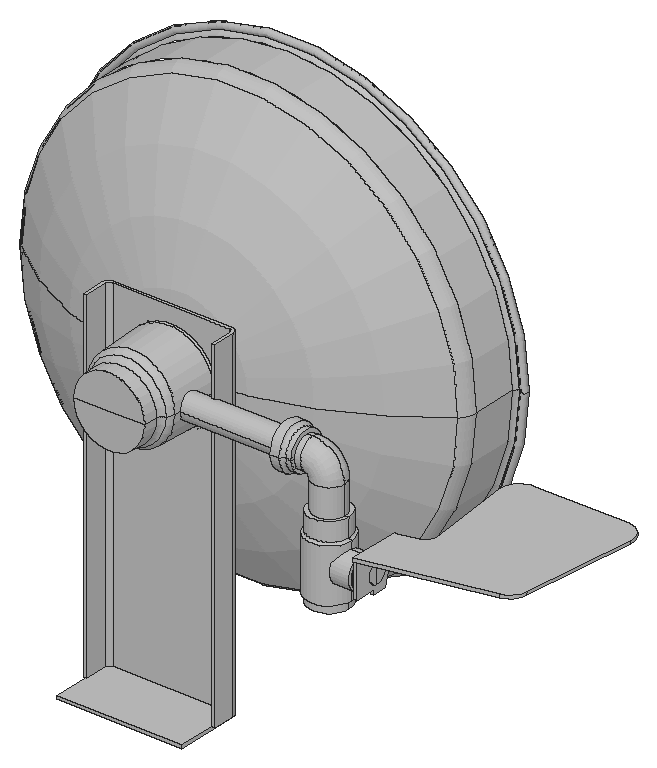
Revit family "Sanitary_Other_Encon-Safety_Wall-Mount-Eyewash-SS-Bowl", category Plumbing Fixtures, host Face, Revit 2019
Family settings
  Host = Face
  Round Connector Dimension = Use Diameter
  Part Type = Normal
  OmniClass Number = 23.45.05.14.24
  OmniClass Title = Eye Wash Fountains
  Cut with Voids When Loaded = No
  Shared = No
  Room Calculation Point = No
Parameters (values of type "01045001")
  Width = 16.13"
  URL = "https://enconsafety.com/"
  Supply Diameter = 1/2"
  Product data url = "https://www.bimobject.com/encon/product/wall_mount_eyewash_SS_bowl_2_4_gpm_Acetal_eyewash_heads"
  Product Guid = "68e39ca3-a789-45c7-8317-a775f6945996"  # constant formula
  Piping Material = Encon Safety Products - Metal - Stainless Steel
  Pedestal Material = Encon Safety Products - Metal - Stainless Steel
  Model = "01045001"  # constant formula
  Manufacturer = "Encon Safety Products"  # constant formula
  Keynote = "15410"
  Height = 8.13"
  Heads Material = Encon Safety Products - Plastic - Acetal - Yellow
  Fluid out Diameter = 1 1/4"
  Flow = 2.5 GPM
  Edition number = 1  # constant formula
  Drain Type = "FNPT"
  Description = "Wall mount eyewash SS bowl, 2.4 gpm Acetal eyewash"  # constant formula
  Default Elevation = 48"
  CWFU = 0
  Bowl Material = Encon Safety Products - Metal - Stainless Steel
  Assembly Code = "D2010600"
Reference planes (in)
  plane 1 "Center (Front/Back)": y = 0
  plane 2: z = 0
  plane 3 "Center (Left/Right)": x = 0
Forms (in)
  Revolve 1, solid, material "Encon Safety Products - Metal - Stainless Steel" <- "Bowl Material"
    sketch origin (0, -1.21172, 7.625) x (-1, 0, 0) y (0, -1, 0)
      loop
        line (-0.33772, -2.19101) -> (-0.33772, -2.15982)
        arc (-0.33772, -2.15982) -> (-3.28212, -2.78024) -> (-5.85187, -4.34575) r 8.90617
        arc (-5.85187, -4.34575) -> (-5.98541, -4.52451) -> (-6.03278, -4.74256) r 0.52565
        line (-6.03278, -4.74256) -> (-6.03347, -5.9312)
        arc (-6.03347, -5.9312) -> (-6.09218, -6.08243) -> (-6.23754, -6.15445) r 0.22415
        arc (-6.23754, -6.15445) -> (-6.25702, -6.02818) -> (-6.15762, -6.10845) r 0.0685
        line (-6.15762, -6.10845) -> (-6.12904, -6.08755)
        arc (-6.12904, -6.08755) -> (-6.28435, -6.01671) -> (-6.23601, -6.18043) r 0.09381
        arc (-6.23601, -6.18043) -> (-6.07283, -6.09983) -> (-6.00746, -5.92996) r 0.25017
        line (-6.00746, -5.92996) -> (-6.00746, -4.77396)
        arc (-6.00746, -4.77396) -> (-5.95718, -4.54283) -> (-5.81542, -4.35348) r 0.55635
        arc (-5.81542, -4.35348) -> (-3.26104, -2.80498) -> (-0.33772, -2.19101) r 8.88085
      axis (0, -6.18043) -> (0, -2.15982)
    angle from 0 to 360
  Sweep 2, solid, material "Encon Safety Products - Metal - Stainless Steel" <- "Piping Material"
    path origin (0, -6.4537, 7.625) x (-1, 0, 0) y (0, -1, 0)
      loop
        line (-3.42116, -11.49934) -> (-3.71919, -10.4932)
        arc (-3.71919, -10.4932) -> (-3.56162, -9.61086) -> (-2.76037, -9.20919) r 1
        line (-2.76037, -9.20919) -> (2.76037, -9.20919)
        arc (2.76037, -9.20919) -> (3.56162, -9.61086) -> (3.71919, -10.4932) r 1
        line (3.71919, -10.4932) -> (3.42116, -11.49934)
    profile origin (0, 2.75549, 7.625) x (0, -1, 0) y (0, 0, 1)
      loop
        circle (0, 0) r 0.3142
  Revolve 3, solid, material "Encon Safety Products - Plastic - Acetal - Yellow" <- "Heads Material"
    sketch origin (0, -6.4537, 7.625) x (-1, 0, 0) y (0, -1, 0)
      loop
        line (2.97027, -11.36578) -> (2.82817, -11.8455) -> (2.2974, -12.20564) -> (2.15287, -12.67624)
        arc (2.15287, -12.67624) -> (2.17156, -12.86782) -> (2.32085, -12.98934) r 0.25
        line (2.32085, -12.98934) -> (2.89771, -13.16021) -> (3.39222, -11.49077) -> (2.97027, -11.36578)
      axis (3.39222, -11.49077) -> (2.89771, -13.16021)
    angle from 0 to 360
  Extrusion 4, solid, material "Encon Safety Products - Metal - Stainless Steel", detail levels fine
    sketch origin (-0.1875, -1.21172, 7.625) x (1, 0, 0) y (0, 1, 0)
      loop
        arc (7.31056, 5.3158) -> (6.93899, 5.15037) -> (6.8133, 4.76354) r 0.5
        line (6.8133, 4.76354) -> (7.06362, 2.38191)
        arc (7.06362, 2.38191) -> (7.00767, 2.17308) -> (6.82635, 2.05533) r 0.30164
        line (6.82635, 2.05533) -> (6.31615, 1.94689) -> (6.25351, 1.94689) -> (6.25351, 0.55525) -> (9.60434, 1.26749)
        arc (9.60434, 1.26749) -> (9.87196, 1.422) -> (9.99765, 1.7043) r 0.5
        line (9.99765, 1.7043) -> (10.3192, 4.76354)
        arc (10.3192, 4.76354) -> (10.19351, 5.15037) -> (9.82194, 5.3158) r 0.5
        line (9.82194, 5.3158) -> (7.31056, 5.3158)
    from -1.62605 to -1.70211
  Sweep 5, solid, material "Encon Safety Products - Metal - Stainless Steel" <- "Pedestal Material"
    path origin (1.42969, -4.0285, 7.625) x (-1, 0, 0) y (0, -1, 0)
      loop
        line (-2.50787, -4.07472) -> (0.40782, -4.07472)
    profile origin (2.47971, 0.04622, 7.625) x (0, -1, 0) y (0, 0, 1)
      loop
        circle (0, 0) r 0.33594
  Revolve 6, solid, material "Encon Safety Products - Metal - Stainless Steel" <- "Pedestal Material"
    sketch origin (4.96098, -179.95254, 7.625) x (0, -1, 0) y (1, 0, 0)
      loop
        line (-180.58974, -1.19819) -> (-180, -1.19819) -> (-180, -0.69717) -> (-180.51266, -0.69717) -> (-180.51266, -0.83983)
        arc (-180.51266, -0.83983) -> (-180.53368, -0.90959) -> (-180.58974, -0.95612) r 0.12627
        line (-180.58974, -0.95612) -> (-180.58974, -1.19819)
      axis (-180, -1.19819) -> (-180, -0.69717)
    angle from 0 to 360
  Revolve 7, solid, material "Encon Safety Products - Metal - Stainless Steel" <- "Pedestal Material"
    sketch origin (5.07036, 0.04352, 188.01562) x (1, 0, 0) y (0, 0, 1)
      loop
        line (-0.1867, -183.76998) -> (-0.1867, -181.56998) -> (-0.7167, -181.56998) -> (-0.7167, -182.05507)
        arc (-0.7167, -182.05507) -> (-0.73586, -182.10132) -> (-0.78211, -182.12047) r 0.0654
        line (-0.78211, -182.12047) -> (-0.78211, -183.54998) -> (-0.7167, -183.54998) -> (-0.7167, -183.76998) -> (-0.1867, -183.76998)
      axis (-0.1867, -183.76998) -> (-0.1867, -181.56998)
    angle from 0 to 360
  Revolve 8, solid, material "Encon Safety Products - Metal - Stainless Steel" <- "Pedestal Material"
    sketch origin (0, -9.591, 7.625) x (-1, 0, 0) y (0, -1, 0)
      loop
        line (0, -8.37928) -> (-0.93814, -8.37928) -> (-0.9513, -8.75623)
        arc (-0.9513, -8.75623) -> (-0.97959, -8.86335) -> (-1.05137, -8.94774) r 0.25017
        arc (-1.05137, -8.94774) -> (-1.12314, -9.03214) -> (-1.15143, -9.13925) r 0.25016
        line (-1.15143, -9.13925) -> (-1.19442, -10.37054)
        arc (-1.19442, -10.37054) -> (-1.21756, -10.43877) -> (-1.2745, -10.48291) r 0.12508
        arc (-1.2745, -10.48291) -> (-1.30271, -10.50519) -> (-1.31337, -10.53952) r 0.06066
        line (-1.31337, -10.53952) -> (-1.31337, -10.63006) -> (0, -10.39848) -> (0, -8.37928)
      loop
        arc (-0.75049, -10.58978) -> (-0.89754, -10.60348) -> (-1.04433, -10.61963) r 8.88085
        line (-1.04433, -10.61963) -> (-1.06627, -11.248)
        arc (-1.06627, -11.248) -> (-1.02626, -11.35224) -> (-0.92348, -11.39587) r 0.14288
        line (-0.92348, -11.39587) -> (-0.41712, -11.39587)
        arc (-0.41712, -11.39587) -> (-0.37336, -11.37774) -> (-0.35523, -11.33398) r 0.06189
        line (-0.35523, -11.33398) -> (-0.35523, -11.14571) -> (-0.75049, -11.14571) -> (-0.75049, -10.58978)
      axis (0, -11.39587) -> (0, -8.37928)
    angle from 0 to 360
  Sweep 9, solid, material "Encon Safety Products - Metal - Stainless Steel" <- "Pedestal Material"
    path origin (5.05473, 0.04746, 187.625) x (1, 0, 0) y (0, 0, 1)
      loop
        line (-0.1867, -181.56998) -> (-0.1867, -180.43185)
        arc (-0.1867, -180.43185) -> (-0.31319, -180.12649) -> (-0.61855, -180) r 0.43185
        line (-0.61855, -180) -> (-1.19819, -180)
    profile origin (4.86803, 0.04746, 6.62408) x (-1, 0, 0) y (0, -1, 0)
      loop
        circle (0, 0) r 0.41796
  Revolve 10, solid, material "Encon Safety Products - Metal - Stainless Steel" <- "Piping Material"
    sketch origin (0, -6.4537, 7.625) x (-1, 0, 0) y (0, -1, 0)
      loop
        line (0.76351, -9.65698) -> (0.76351, -9.71702) -> (0.95062, -9.71702) -> (0.95062, -9.20857) -> (-0.95062, -9.20857) -> (-0.95062, -9.71702) -> (-0.76351, -9.71702) -> (-0.76351, -9.65698) -> (0.76351, -9.65698)
      axis (0.95062, -9.20857) -> (-0.95062, -9.20857)
    angle from 0 to 360
  Revolve 11, solid, material "Encon Safety Products - Plastic - Acetal - Yellow" <- "Heads Material"
    sketch origin (0, -6.4537, 7.625) x (-1, 0, 0) y (0, -1, 0)
      loop
        line (-2.97027, -11.36578) -> (-3.39222, -11.49077) -> (-2.89771, -13.16021) -> (-2.32085, -12.98934)
        arc (-2.32085, -12.98934) -> (-2.17156, -12.86782) -> (-2.15287, -12.67624) r 0.25
        line (-2.15287, -12.67624) -> (-2.2974, -12.20564) -> (-2.82817, -11.8455) -> (-2.97027, -11.36578)
      axis (-3.39222, -11.49077) -> (-2.89771, -13.16021)
    angle from 0 to 360
  Revolve 12, solid, material "Encon Safety Products - Metal - Stainless Steel" <- "Pedestal Material", detail levels fine
    sketch origin (1.25205, -0.01981, 1.20385) x (1, 0, 0) y (0, 0, 1)
      loop
        arc (4.02925, 4.52383) -> (4.17945, 4.32712) -> (4.2367, 4.08633) r 0.5954
        line (4.2367, 4.08633) -> (4.59845, 4.08633) -> (4.59845, 4.46633) -> (4.55095, 4.46633) -> (4.55095, 4.52383) -> (4.02925, 4.52383)
      axis (4.59845, 4.08633) -> (4.02925, 4.08633)
    angle from 0 to 360
  Extrusion 13, solid, material "Encon Safety Products - Metal - Stainless Steel", detail levels fine
    sketch origin (17.73869, -4.00445, 27.05325) x (0, 0, -1) y (0, 1, 0)
      loop
        line (21.13036, 4.73963) -> (21.13036, 3.38555) -> (22.05577, 3.38555) -> (22.05577, 3.94982) -> (22.18117, 3.94982) -> (22.18117, 4.33007) -> (21.70633, 4.4509) -> (21.5231, 4.4509) -> (21.5231, 4.73963) -> (21.13036, 4.73963)
    from -11.67268 to -11.59664
  Revolve 14, solid, material "Encon Safety Products - Metal - Stainless Steel" <- "Pedestal Material", detail levels fine
    sketch origin (1.99051, 0.04269, 1.20385) x (1, 0, 0) y (0, 0, 1)
      loop
        line (4.17271, 4.1701) -> (4.17271, 4.43572) -> (4.07891, 4.43572) -> (4.07891, 4.49486) -> (3.92261, 4.49486) -> (3.92261, 4.1701) -> (4.17271, 4.1701)
      axis (4.17271, 4.1701) -> (3.92261, 4.1701)
    angle from 0 to 360
  Revolve 15, solid, material "Encon Safety Products - Metal - Stainless Steel" <- "Piping Material"
    sketch origin (9.20857, 2.75487, 7.625) x (0, -1, 0) y (1, 0, 0)
      loop
        line (0.76351, -9.65698) -> (0.76351, -9.71702) -> (0.95062, -9.71702) -> (0.95062, -9.20857) -> (0, -9.20857) -> (0, -9.65698) -> (0.76351, -9.65698)
      axis (0.95062, -9.20857) -> (0, -9.20857)
    angle from 0 to 360
  Extrusion 16, solid, material "Encon Safety Products - Metal - Stainless Steel"
    sketch origin (0, -1.21172, 0) x (1, 0, 0) y (0, 1, 0)
      loop
        arc (-1.6761, 1.93485) -> (-1.64072, 2.02027) -> (-1.5553, 2.05565) r 0.1208
        line (-1.5553, 2.05565) -> (1.55889, 2.05565)
        arc (1.55889, 2.05565) -> (1.64177, 2.02132) -> (1.6761, 1.93843) r 0.11722
        line (1.6761, 1.93843) -> (1.6761, 1.33018) -> (1.75115, 1.33018) -> (1.75115, 1.93426)
        arc (1.75115, 1.93426) -> (1.69362, 2.07317) -> (1.55471, 2.1307) r 0.19645
        line (1.55471, 2.1307) -> (-1.565, 2.1307)
        arc (-1.565, 2.1307) -> (-1.69663, 2.07618) -> (-1.75115, 1.94455) r 0.18615
        line (-1.75115, 1.94455) -> (-1.75115, 1.33018) -> (-1.6761, 1.33018) -> (-1.6761, 1.93485)
    from 0.07505 to 9.2561
  Extrusion 17, solid, material "Encon Safety Products - Metal - Stainless Steel"
    sketch origin (0, -1.21172, 0) x (1, 0, 0) y (0, 1, 0)
      loop
        line (-1.6761, 2.09391) -> (-1.6761, 0.32952) -> (1.6761, 0.32952) -> (1.6761, 2.0887)
        arc (1.6761, 2.0887) -> (1.61894, 2.11991) -> (1.55471, 2.1307) r 0.19645
        line (1.55471, 2.1307) -> (-1.565, 2.1307)
        arc (-1.565, 2.1307) -> (-1.62352, 2.12127) -> (-1.6761, 2.09391) r 0.18615
    from 0 to 0.07505
Lines and regions (in)
  Masking region 1
    outline origin (0, 0, 0) x (1, 0, 0) y (0, 0, 1)
      loop
        circle (3.02908, 7.63196) r 0.87865
      loop
        circle (-3.02908, 7.63196) r 0.87865
  Masking region 2
    outline origin (0, 0, 0) x (1, 0, 0) y (0, 0, 1)
      loop
        line (0.95062, 8.13345) -> (0.76351, 8.13345) -> (0.76351, 8.07341) -> (-0.76351, 8.07341) -> (-0.76351, 8.13345) -> (-0.95062, 8.13345) -> (-0.95062, 7.94026) -> (-2.2063, 7.94026)
        arc (-2.2063, 7.94026) -> (-2.15047, 7.6245) -> (-2.21165, 7.30974) r 0.87865
        line (-2.21165, 7.30974) -> (-0.95062, 7.30974) -> (-0.95062, 7.11655) -> (-0.76351, 7.11655) -> (-0.76351, 7.17659) -> (0.76351, 7.17659) -> (0.76351, 7.11655) -> (0.95062, 7.11655) -> (0.95062, 7.31039) -> (2.2114, 7.31039)
        arc (2.2114, 7.31039) -> (2.15047, 7.62451) -> (2.20605, 7.93961) r 0.87865
        line (2.20605, 7.93961) -> (0.95062, 7.93961) -> (0.95062, 8.13345)
  Masking region 3
    outline origin (0, 0, 0) x (1, 0, 0) y (0, 0, 1)
      loop
        circle (0, 7.625) r 6.23601
  Masking region 4, detail levels fine
    outline origin (0, 0, 0) x (1, 0, 0) y (0, 0, 1)
      loop
        line (10.1317, 5.99895) -> (6.10359, 5.99895)
        arc (6.10359, 5.99895) -> (6.08607, 5.93197) -> (6.06601, 5.86571) r 1.82206
        line (6.06601, 5.86571) -> (6.06601, 4.87208) -> (6.14206, 4.87208) -> (6.14206, 5.92289) -> (10.1317, 5.92289) -> (10.1317, 5.99895)
  Masking region 5, detail levels fine
    outline origin (0, 0, 0) x (1, 0, 0) y (0, 0, 1)
      loop
        line (6.06601, 5.69914) -> (6.01544, 5.69914)
        arc (6.01544, 5.69914) -> (5.9661, 5.55128) -> (5.91312, 5.40468) r 6.28114
        line (5.91312, 5.40468) -> (5.91312, 5.04919) -> (6.06601, 5.04919) -> (6.06601, 5.69914)
  Masking region 6
    outline origin (0, 0, 0) x (1, 0, 0) y (0, 0, 1)
      loop
        line (1.75115, 0) -> (1.75115, 1.63991)
        arc (1.75115, 1.63991) -> (0, 1.38745) -> (-1.75115, 1.63991) r 6.19953
        line (-1.75115, 1.63991) -> (-1.75115, 0) -> (1.75115, 0)
  symbolic lines
    curve 1: line (0.95062, 0, 7.93961) -> (0.95062, 0, 7.31039)
    curve 2: line (0.76351, 0, 8.07341) -> (0.76351, 0, 7.17659)
    curve 3: line (-0.76351, 0, 8.07341) -> (-0.76351, 0, 7.17659)
    curve 4: line (-0.95062, 0, 7.30974) -> (-0.95062, 0, 7.94026)
Dimensions and locks (in)
  aligned and locked: plane 2 to host face
  aligned and locked: level to host face
Connectors (in)
  piping at (0, -1.21172, 7.625), diameter 1.25, driven by "Fluid out Diameter", driven by "CWFU"
    settings: on Revolve 8, index 1, connector inside diameter 24", connector length 0", flow factor 0, pipe flow 0 GPM, pressure drop 0.00 psi, fitting loss kfactor 0, connector angle 0.00°, fixture units 0, engagement length 0", angle of deflection 0.00°, flow configuration 3, flow direction 2, fitting loss method 0, system type 16, joint type 0, gender type 0, connector reference index -1, connector utility 0, adjustable connector no, is connector primary yes, connector description "1 1/4\" NPT Drain"
  piping at (4.88365, 0.04352, 4.24564), diameter 0.5, driven by "Supply Diameter", driven by "CWFU"
    settings: on Revolve 7, index 2, connector inside diameter 24", connector length 0", flow factor 0, pipe flow 0 GPM, pressure drop 0.00 psi, fitting loss kfactor 0, connector angle 0.00°, fixture units 0, engagement length 0", angle of deflection 0.00°, flow configuration 3, flow direction 1, fitting loss method 0, system type 20, joint type 0, gender type 0, connector reference index -1, connector utility 0, adjustable connector no, is connector primary no, connector description "1/2\" NPT Inlet"
